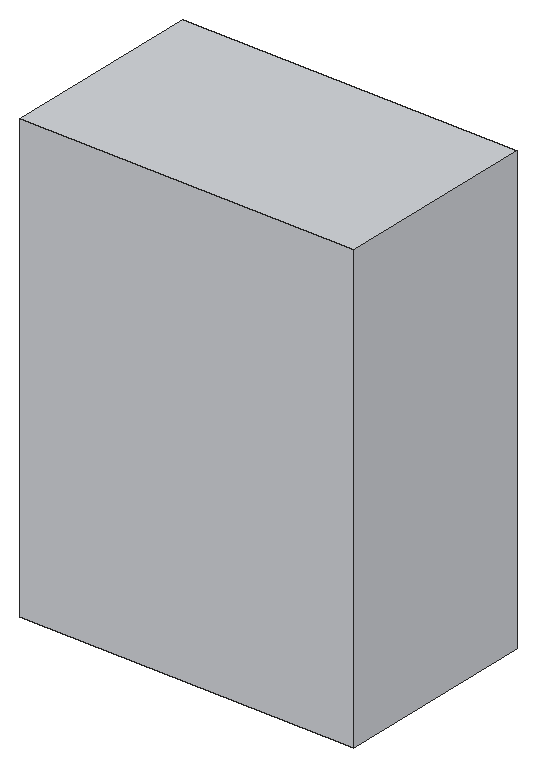
Revit family
Parameters
  hook [instance] = Unit Width / 0' 10"  # 3
  Warranty Duration (Years) = 0
  Unit Width [instance] = 2' - 2"
  Unit Height [instance] = 0' - 0"
  Unit Depth = 0' - 0"
  URL = "http://www.americanspecialties.com/viewCategories.cfm"
  Trim Material = Rubber
  Test Data = ""
  Specification = "http://www.arcat.com/sdspecs/htm/10810asi.htm"
  SpecWizard = ""
  Send Message = "http://www.arcat.com/users.pl?action=UserEmail&company=American%20Specialties,%20Inc.&coid=30448&rep=139&fax=914-476-0688&mf="
  Sales Information = "http://www.americanspecialties.com/contact"
  Revision = "R1_10-2010"
  Product Properties = "http://www.americanspecialties.com/datasheets/8215.pdf"
  Product Data = "http://www.arcat.com/arcatcos/cos30/arc30448.html"
  Model = "As Specified in 10 28 13"
  Manufacturer Website = "http://www.americanspecialties.com/viewCategories.cfm"
  Manufacturer Phone - Toll Free = ""
  Manufacturer Phone = "914-476-9000 "
  Manufacturer Fax = "914-476-0688"
  Manufacturer Address = "441 Saw Mill River Rd., Yonkers, NY 10701"
  Manufacturer = "American Specialties, Inc."
  Maintenance Schedule (Months) = 0
  Keynote = "10 28 13"
  Installation-Fabrication = "http://www.americanspecialties.com/products.cfm"
  Green Building-LEED = ""
  Expected Lifespan (Years) = 0
  Drawn By = "Robert S. Weygant. CSI, CDT, SCIP"  # constant formula
  Description = "Toilet Accessory as Specified in 10 28 13"
  Default Elevation = 4' - 0"
  Copyright = "©Arcat Inc."
  Construction Details = "http://www.arcat.com/green/clients/leed_data_30448.html"
  Building Codes = "http://www.americanspecialties.com/products.cfm"
  Body Material = Metal - Stainless Steel
  Assembly Code = "C1030210"
Reference planes (in)
  plane 1 "Center (Front/Back)": y = -0.29112
  plane 2 "Floor Line": z = 0
  plane 3 "Center (Left/Right)": x = -0.65843
Forms (in)
  Extrusion 1, solid
    sketch origin (-3, -9, -6) x (0, 0, -1) y (1, 0, 0)
      loop
        line (-82, 56.90407) -> (-82, -0.06991) -> (-6, -0.06991) -> (-6, 56.90407) -> (-82, 56.90407)
    from 9 to -25.60721
  Extrusion 2, solid, material "Metal - Stainless Steel" <- "Body Material"
    sketch origin (34.93009, -10.58223, 0) x (0, -1, 0) y (0, 0, 1)
      loop
        line (-8.29112, 0.125) -> (-8.79112, 0.125) -> (-8.79112, 3.5) -> (-11.79112, 3.5) -> (-11.79112, 0.125) -> (-12.29112, 0.125) -> (-12.29112, 0) -> (-11.66612, 0) -> (-11.66612, 3.375) -> (-8.91612, 3.375) -> (-8.91612, 0) -> (-8.29112, 0) -> (-8.29112, 0.125)
    from 35.58852 to 9.58852
  Extrusion 3, solid, material "Metal - Stainless Steel" <- "Body Material"
    sketch origin (0, 0, 0) x (1, 0, 0) y (0, 1, 0)
      loop
        circle (0.34157, 1.45888) r 0.21875
      loop
        circle (0.34157, -2.04112) r 0.21875
      loop
        circle (24.34157, 1.45888) r 0.21875
      loop
        circle (24.34157, -2.04112) r 0.21875
    from 0.25058 to 0
  Extrusion 4, solid, material "Metal - Stainless Steel" <- "Body Material"
    sketch origin (-10, 0, 0) x (1, 0, 0) y (0, 1, 0)
      loop
        circle (22.34157, 1.45888) r 0.21875
      loop
        circle (22.34157, -2.04112) r 0.21875
    from 0.25058 to 0
  Extrusion 5, solid, material "Metal - Stainless Steel" <- "Body Material"
    sketch origin (-14.31405, -2.48146, -7.11605) x (1, 0, 0) y (0, 0, 1)
      loop
        line (15.15562, 10.61605) -> (18.15562, 10.61605) -> (18.15562, 11.46368) -> (18.03062, 11.46368) -> (18.03062, 10.74105) -> (15.28062, 10.74105) -> (15.28062, 12.51646) -> (15.15562, 12.51646) -> (15.15562, 10.61605)
    from -1.5 to -2.88069
  Extrusion 6, solid, material "Rubber" <- "Trim Material"
    sketch origin (1.375, 0, 0) x (1, 0, 0) y (0, 1, 0)
      loop
        arc (1.71876, -0.00164) -> (1.38167, 0.05154) -> (1.04802, -0.02014) r 0.93233
        arc (1.04802, -0.02014) -> (0.90772, -0.07915) -> (0.79313, -0.17932) r 0.47745
        arc (0.79313, -0.17932) -> (0.82811, -0.32067) -> (0.6876, -0.35889) r 0.10417
        arc (0.6876, -0.35889) -> (0.5665, -0.32788) -> (0.49553, -0.22496) r 0.1783
        line (0.49553, -0.22496) -> (0.30272, -0.22496) -> (0.30272, -0.4268)
        arc (0.30272, -0.4268) -> (1.23821, -1.05205) -> (2.33702, -0.8097) r 1.43411
        arc (2.33702, -0.8097) -> (2.14783, -0.3139) -> (1.71876, -0.00164) r 0.93233
    from 3.70633 to 5.00782
  Extrusion 7, solid, material "Rubber" <- "Trim Material"
    sketch origin (1.5, 0, 0) x (1, 0, 0) y (0, 1, 0)
      loop
        circle (1.63426, -0.62262) r 0.25
    from 5.00782 to 5.1404
  Extrusion 8, solid, material "Metal - Stainless Steel" <- "Body Material"
    sketch origin (1.5, 0, 0) x (1, 0, 0) y (0, 1, 0)
      loop
        circle (0.52944, 0.16479) r 0.08601
      loop
        circle (1.83175, 0.16479) r 0.08601
    from 3.625 to 3.70633
  Extrusion 9, solid, material "Metal - Stainless Steel" <- "Body Material"
    sketch origin (-4.31405, -2.48146, -7.11605) x (1, 0, 0) y (0, 0, 1)
      loop
        line (15.15562, 10.61605) -> (18.15562, 10.61605) -> (18.15562, 11.46368) -> (18.03062, 11.46368) -> (18.03062, 10.74105) -> (15.28062, 10.74105) -> (15.28062, 12.51646) -> (15.15562, 12.51646) -> (15.15562, 10.61605)
    from -1.5 to -2.88069
  Extrusion 10, solid, material "Rubber" <- "Trim Material"
    sketch origin (11.375, 0, 0) x (1, 0, 0) y (0, 1, 0)
      loop
        arc (1.71876, -0.00164) -> (1.38167, 0.05154) -> (1.04802, -0.02014) r 0.93233
        arc (1.04802, -0.02014) -> (0.90772, -0.07915) -> (0.79313, -0.17932) r 0.47745
        arc (0.79313, -0.17932) -> (0.82811, -0.32067) -> (0.6876, -0.35889) r 0.10417
        arc (0.6876, -0.35889) -> (0.5665, -0.32788) -> (0.49553, -0.22496) r 0.1783
        line (0.49553, -0.22496) -> (0.30272, -0.22496) -> (0.30272, -0.4268)
        arc (0.30272, -0.4268) -> (1.23821, -1.05205) -> (2.33702, -0.8097) r 1.43411
        arc (2.33702, -0.8097) -> (2.14783, -0.3139) -> (1.71876, -0.00164) r 0.93233
    from 3.70633 to 5.00782
  Extrusion 11, solid, material "Rubber" <- "Trim Material"
    sketch origin (11.5, 0, 0) x (1, 0, 0) y (0, 1, 0)
      loop
        circle (1.63426, -0.62262) r 0.25
    from 5.00782 to 5.1404
  Extrusion 12, solid, material "Metal - Stainless Steel" <- "Body Material"
    sketch origin (11.5, 0, 0) x (1, 0, 0) y (0, 1, 0)
      loop
        circle (0.52944, 0.16479) r 0.08601
      loop
        circle (1.83175, 0.16479) r 0.08601
    from 3.625 to 3.70633
  Extrusion 13, solid, material "Metal - Stainless Steel" <- "Body Material"
    sketch origin (5.68595, -2.48146, -7.11605) x (1, 0, 0) y (0, 0, 1)
      loop
        line (15.15562, 10.61605) -> (18.15562, 10.61605) -> (18.15562, 11.46368) -> (18.03062, 11.46368) -> (18.03062, 10.74105) -> (15.28062, 10.74105) -> (15.28062, 12.51646) -> (15.15562, 12.51646) -> (15.15562, 10.61605)
    from -1.5 to -2.88069
  Extrusion 14, solid, material "Rubber" <- "Trim Material"
    sketch origin (21.375, 0, 0) x (1, 0, 0) y (0, 1, 0)
      loop
        arc (1.71876, -0.00164) -> (1.38167, 0.05154) -> (1.04802, -0.02014) r 0.93233
        arc (1.04802, -0.02014) -> (0.90772, -0.07915) -> (0.79313, -0.17932) r 0.47745
        arc (0.79313, -0.17932) -> (0.82811, -0.32067) -> (0.6876, -0.35889) r 0.10417
        arc (0.6876, -0.35889) -> (0.5665, -0.32788) -> (0.49553, -0.22496) r 0.1783
        line (0.49553, -0.22496) -> (0.30272, -0.22496) -> (0.30272, -0.4268)
        arc (0.30272, -0.4268) -> (1.23821, -1.05205) -> (2.33702, -0.8097) r 1.43411
        arc (2.33702, -0.8097) -> (2.14783, -0.3139) -> (1.71876, -0.00164) r 0.93233
    from 3.70633 to 5.00782
  Extrusion 15, solid, material "Rubber" <- "Trim Material"
    sketch origin (21.5, 0, 0) x (1, 0, 0) y (0, 1, 0)
      loop
        circle (1.63426, -0.62262) r 0.25
    from 5.00782 to 5.1404
  Extrusion 16, solid, material "Metal - Stainless Steel" <- "Body Material"
    sketch origin (21.5, 0, 0) x (1, 0, 0) y (0, 1, 0)
      loop
        circle (0.52944, 0.16479) r 0.08601
      loop
        circle (1.83175, 0.16479) r 0.08601
    from 3.625 to 3.70633
Dimensions and locks (in)
  locked: Extrusion 2 to Extrusion 3 sketch curve at 1  (x2)
  locked: Extrusion 3 sketch curve to Extrusion 2 at 1  (x2)
  equal spacing: Extrusion 3, Extrusion 4 sketch curve, Extrusion 3
  aligned and locked: Extrusion 1 to level
  aligned and locked: Extrusion 3 to level
  aligned and locked: Extrusion 4 to Extrusion 3
  aligned and locked: Extrusion 4 to level
  aligned and locked: Extrusion 6 to Extrusion 7
  aligned and locked: Extrusion 10 to Extrusion 11
  aligned and locked: Extrusion 14 to Extrusion 15
